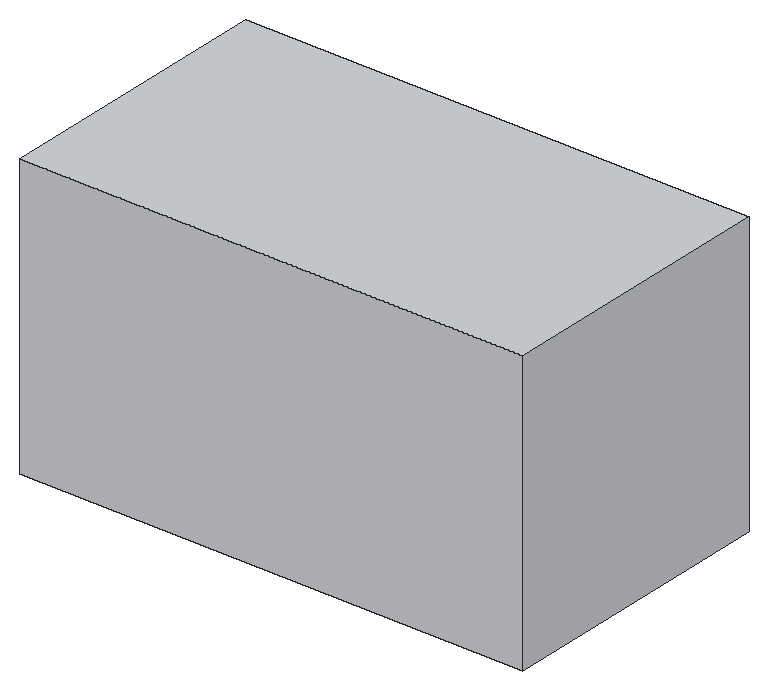
Revit family "M_Caixa exposta - Duas saídas - Dois lados - PVC", category Conexões do conduite, Revit 2019
Family settings
  Cota do conector redondo = Usar raio
  Tipo de parte = Múltiplas portas
  Número OmniClass = 23.80.30.17.11
  Título OmniClass = Conduits
  ID de item do Seek = Exposed Box - Two Outlets - Two Sides - PVC-0000-CAN-ENU
  Com base no plano de trabalho = Não
  Sempre na vertical = Sim
  Corte com vazios quando carregada = Não
  Compartilhado = Não
Parameters (values of type "Caixa de tomada única")
  Largura [instance] = if(not(Diâmetro nominal máximo 12 > 21 mm), Largura externa, 6 * Diâmetro nominal máximo 12)  # 64 mm
  Largura externa = 64 mm
  Raio nominal 2 [instance] = 8 mm
  Raio nominal 1 [instance] = 8 mm
  Diâmetro nominal 2 [instance] = Raio nominal 2 * 2  # 16 mm
  Diâmetro nominal 1 [instance] = Raio nominal 1 * 2  # 16 mm
  Diâmetro nominal máximo 12 [instance] = if(Diâmetro nominal 1 > Diâmetro nominal 2, Diâmetro nominal 1, Diâmetro nominal 2)  # 16 mm
  Comprimento [instance] = if(not(Diâmetro nominal máximo 12 > 27 mm), 114 mm, 8 * Diâmetro nominal máximo 12)  # 114 mm
  Altura [instance] = if(not(Diâmetro nominal máximo 12 > 27 mm), 64 mm, if(Diâmetro nominal máximo 12 < 155 mm, 155 mm, Diâmetro nominal máximo 12 * 1.2))  # 64 mm
Types (4, lengths in mm): name | Largura | Largura externa
  (no name) | 64 | 64
  Caixa de tomada única | 64 | 64
  Caixa de tomada dupla | 120 | 120
  Caixa de tomada tripla | 168 | 168
Reference planes
  plane 1 "Centro (Frente/Trás)": y = 0
  plane 2: z = 0
  plane 3 "Centro (Esquerda/Direita)": x = 0
  plane 4: y = 32
  plane 5: y = -32
  plane 6: x = 114
  plane 7: z = -32
  plane 8: z = 32
Forms (mm)
  Extrusion 1, solid
    sketch origin (0, 0, 0) x (1, 0, 0) y (0, 1, 0)
      loop
        line (0, 32) -> (0, -32) -> (114, -32) -> (114, 32) -> (0, 32)
    from -32 to 32
Dimensions and locks
  equal spacing: plane 4, plane 1 "Centro (Frente/Trás)", plane 5
  "Largura": plane 4 to plane 5
  equal spacing: plane 8, plane 2, plane 7
  locked: level to plane 2
  "Altura": plane 8 to plane 7
  "Comprimento": plane 3 "Centro (Esquerda/Direita)" to plane 6
  aligned and locked: Extrusion 1 sketch curve to plane 4
  aligned and locked: plane 5 to Extrusion 1 sketch curve
  aligned and locked: Extrusion 1 sketch curve to plane 6
  aligned: Extrusion 1 to plane 2
  aligned and locked: Extrusion 1 to plane 7
  aligned and locked: plane 8 to Extrusion 1
  aligned and locked: Extrusion 1 to plane 3 "Centro (Esquerda/Direita)"
Automatic sketch dimensions
  plane 3 "Centro (Esquerda/Direita)" to Extrusion 1 sketch curve = 0 mm
Connectors
  cabletrayconduit at (0, 0, 0), diameter 16, driven by "Raio nominal 1"
    settings: on Extrusion 1, index 1, connector width 304.8 mm, connector height 304.8 mm, connector angle 0.00°, system type 32, placement type 0, profile type 0, connector reference index 2, is primary connector yes, connector utility param no, connector description ""
  cabletrayconduit at (114, 0, 0), diameter 16, driven by "Raio nominal 2"
    settings: on Extrusion 1, index 2, connector width 304.8 mm, connector height 304.8 mm, connector angle 0.00°, system type 32, placement type 0, profile type 0, connector reference index 1, is primary connector no, connector utility param no, connector description ""
